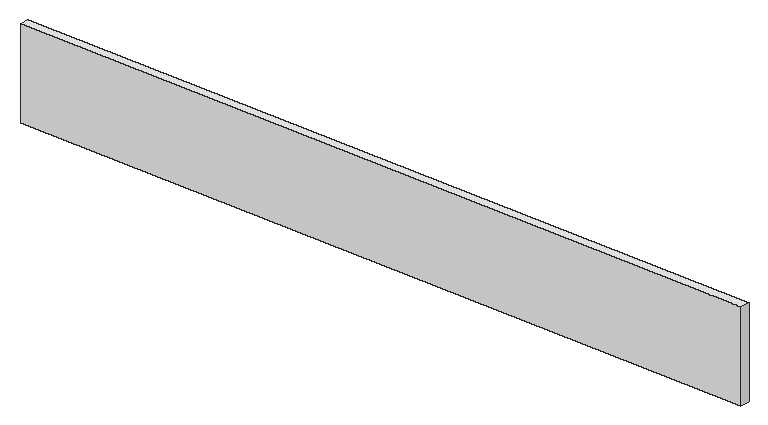
Revit family
Parameters (values of type "15X150")
  Start Extension Calculation [instance] = 3012.5 mm + Start Extension  # 3000 mm
  Start Extension [instance] = -12.5 mm
  Length [instance] = 1500 mm
  b = 15 mm
  d = 150 mm
  Keynote = "G10"
  End Extension Calculation [instance] = 3012.5 mm + End Extension  # 3000 mm
  End Extension [instance] = -12.5 mm
  Beam Material [instance] = Metal - Steel - 345 MPa
Reference planes
  plane 1 "Center (Front/Back)": y = 0
  plane 2: z = 0
  plane 3 "Center (Left/Right)": x = 4.61
  plane 4 "Member Left": x = -604.99
  plane 5 "Member Right": x = 614.21
  plane 6: y = 7.5
  plane 7: y = -7.5
  plane 8 "Top": z = 75
  plane 9: z = -75
  plane 10 "Left": x = -757.39
  plane 11 "Right": x = 742.61
  plane 12: x = -604.99
  plane 13: x = 614.21
  plane 14: x = 2395.01
  plane 15: x = -2385.79
Forms (mm)
  Sweep 1, solid, material "Metal - Steel - 345 MPa" <- "Beam Material", detail levels medium+fine
    path origin (0, 0, 0) x (1, 0, 0) y (0, 1, 0)
      loop
        line (614.21, 0) -> (-604.99, 0)
    profile "M_Rectangular Beam-Profile : M_Rectangular Beam-Profile" origin (4.61, 0, 0) x (0, -1, 0) y (0, 0, 1)
      loop
        line (-7.5, -75) -> (7.5, -75) -> (7.5, 75) -> (-7.5, 75) -> (-7.5, -75)
Lines and regions (mm)
  symbolic lines, style "Stick Symbols", detail levels coarse
    curve 1: line (4.61, 7.5, 75) -> (4.61, -7.5, 75)
    curve 2: line (4.61, 7.5, -75) -> (4.61, 7.5, 75)
    curve 3: line (4.61, -7.5, -75) -> (4.61, 7.5, -75)
    curve 4: line (4.61, -7.5, 75) -> (4.61, -7.5, -75)
Dimensions and locks
  "b": plane 6 to plane 7
  "d": plane 9 to plane 8 "Top"
  equal spacing: plane 9, plane 2, plane 8 "Top"
  equal spacing: plane 6, plane 1 "Center (Front/Back)", plane 7
  "Length": plane 10 "Left" to plane 11 "Right"
  locked: plane 15 to plane 5 "Member Right" at 3000
  locked: plane 4 "Member Left" to plane 14 at 3000
  "End Extension Calculation": plane 15 to plane 13
  "Start Extension Calculation": plane 12 to plane 14
  aligned and locked: Sweep 1 sketch curve to plane 1 "Center (Front/Back)"
  aligned and locked: curve 1 to Sweep 1
  aligned and locked: curve 2 to Sweep 1
  aligned and locked: curve 3 to Sweep 1
  aligned and locked: curve 4 to Sweep 1
  aligned and locked: plane 12 to Sweep 1 sketch curve
  aligned and locked: plane 13 to Sweep 1 sketch curve
